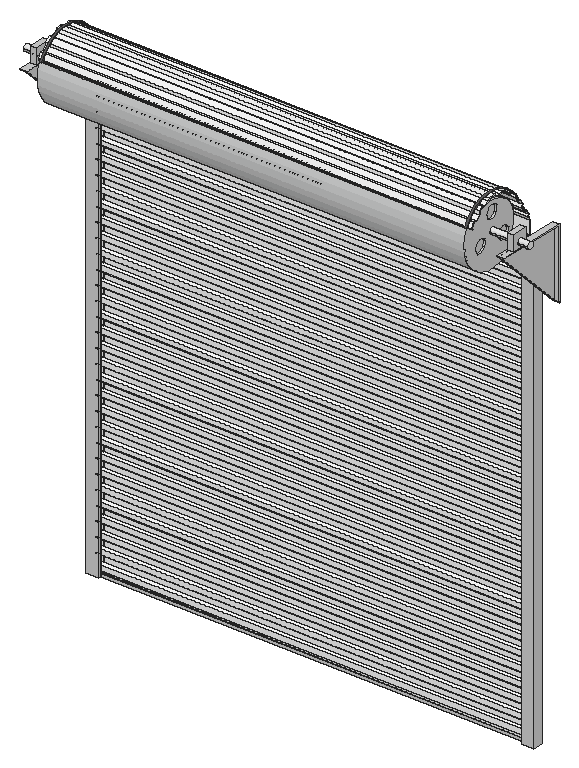
Revit family "ProStar-Rolling-Steel-Sheet-Doors_OHD_Model-780CD-REV-A_compact", category Specialty Equipment, host Wall, Revit 2023
Family settings
  Host = Wall
  Round Connector Dimension = Use Diameter
  Part Type = Normal
  OmniClass Number = 23.30.10.21.34
  OmniClass Title = Industrial Doors
  Enable Cutting in Views = No
  Always vertical = Yes
  Cut with Voids When Loaded = No
  Maintain Annotation Orientation = No
  Shared = No
  Room Calculation Point = No
Parameters (values of type "‏​Manual push-up")
  Voltage Real = 0 V
  Voltage [instance] = if(Electric Operator RLD, 120 V, Voltage Real)  # 0 V
  Version = "1.00.01"  # constant formula
  True Opening Width [instance] = Clear Width  # 100"
  True Opening Height [instance] = Clear Height  # 100"
  Slat Height = 3 91/256" * 3  # 10 17/256"
  Product Page URL = "https://www.overheaddoor.com/rolling-steel-sheet-doors-780cd"
  Slat Length [instance] = [Opening Width (Real)] + 1/4" * 2 + 1 77/256" * 2  # 103 13/128"
  Power Factor = 1
  Opening Width [instance] = 100"
  Opening Height [instance] = 100"
  Number of Poles = 1
  Motor Type Selection Real [instance] = if(and(Voltage Real = 115 V, or(Motor Type Selection < 1, Motor Type Selection = 1)), 1, 2)  # 2
  Motor Type Selection [instance] = 1
  Motor Type [instance] = if(Chain Hoist, "Chain Hoist", if(Manual, "Manual", if(Voltage Real = 115 V, if(or(Motor Type Selection < 1, Motor Type Selection > 2), "Please Select Motor Type Selection between 1 and 2", if(Motor Type Selection = 1, "RLD Wall Mount", "RMZ Wall Mount")), "RMZ Wall Mount")))  # "Manual"
  Min Opening Width [instance] = 96"  # constant formula
  Min Opening Height [instance] = 96"  # constant formula
  Max Opening Width [instance] = 192"  # constant formula
  Max Opening Height [instance] = 192"  # constant formula
  Manual = yes
  Headroom Height [instance] = 22"  # constant formula
  Opening Width (Real) [instance] = if(Opening Width < Min Opening Width, Min Opening Width, if(Opening Width > Max Opening Width, Max Opening Width, Opening Width))  # 100"
  Opening Height (Real) [instance] = if(Opening Height < Min Opening Height, Min Opening Height, if(Opening Height > Max Opening Height, Max Opening Height, Opening Height))  # 100"
  URL = "https://www.overheaddoor.com/"
  Product data url = "https://www.bimobject.com/overhead-door/product/rolling-steel-sheet-doors-780cd"
  Product Guid = "8ccebe07-a271-479c-8dcb-95e84ee5aac9"
  Model = "780CD"  # constant formula
  Manufacturer = "Overhead Door Corporation"  # constant formula
  Wall Closure = By host
  Frequency = 0 Hz
  Floor To (CL) of Shaft [instance] = [Opening Height (Real)] + 13 95/128"  # 113 95/128"
  Finish Material = Metal - Overhead Door - Galvanized Steel
  Electrical Operator Real = no
  Electrical Operator RMZ [instance] = if(and(Electrical Operator Real, Motor Type Selection Real = 2), 1 = 1, 1 = 2)  # no
  Electric Operator RLD [instance] = if(and(Voltage Real = 115 V, Motor Type Selection Real = 1), 1 = 1, 1 = 2)  # no
  Description = "MODEL 780CD COMMERCIAL ROLLING SHEET DOOR"  # constant formula
  Default Elevation = 0"
  Date Updated = "2026/05/29"  # constant formula
  Curtain Material [instance] = Steel - Overhead Door - White
  Current [instance] = if(Manual, 0 A, if(Electric Operator RLD, 4 A, 20 A))  # 0 A
  Connection Offset [instance] = [Floor To (CL) of Shaft] - Array Length - 1 3/16" + 1/256"  # 11 229/256"
  Clear Width [instance] = [Opening Width (Real)]  # 100"
  Clear Height [instance] = [Opening Height (Real)]  # 100"
  Chain Hoist = no
  BimObject_Variable_Connectors = "No"  # constant formula
  Backroom Depth [instance] = 20"  # constant formula
  Array Length [instance] = (Array) * Slat Height  # 100 85/128"
  Array [instance] = rounddown(([Opening Height (Real)] - 1 3/16" + 11 145/256") / Slat Height)  # 10
  Apparent Load Phase 1 [instance] = Voltage * Current  # 0 VA
Reference planes (in)
  plane 1 "Center (Front/Back)": y = 0
  plane 2 "Center (Left/Right)": x = 0
  plane 3 "Left": x = -50
  plane 4 "Right": x = 50
  plane 5 "Exterior": y = 1.5
  plane 6 "Interior": y = -4.5
  plane 7: x = 50
  plane 8: x = -50
  plane 9: z = 100
  plane 10 "Top": z = 122
  plane 11 "Main": y = -5.75
  plane 12: y = -24.5
  plane 13 "Main Door Block": y = -4.5
  plane 14: z = 47.47
  plane 15 "Bottom Bar": z = 1.1875
  plane 16: x = 52.5
  plane 17: x = -52.5
  plane 18: y = -5.253
  plane 19: y = -6.048
  plane 20: z = 101.85156
  plane 21: z = 113.74219
  plane 22: z = 11.25391
Lines and regions (in)
  Opening 1
    outline origin (-90, -4.5, 0) x (1, 0, 0) y (0, 0, 1)
      loop
        line (40, 0) -> (140, 0) -> (140, 100) -> (40, 100) -> (40, 0)
Text (in)
  text "Exterior" at (-74.96733, 27.31104, 0), in view "Ref. Level"
  text "Interior" at (-74.96733, -25.14366, 0), in view "Ref. Level"
  text "Exterior" at (0, 40.15149, 123.01588), in view "Right"
  text "Interior" at (0, -64.39139, 123.01588), in view "Right"
  text "Interior" at (0, -31.01599, 123.00693), in view "Left"
  text "Exterior" at (0, 54.57065, 123.00693), in view "Left"
Dimensions and locks (in)
  equal spacing: plane 3 "Left", plane 2 "Center (Left/Right)", plane 4 "Right"
  level to host wall = 459.59655"
  "Opening Height (Real)": level to plane 9
  plane 8 to plane 2 "Center (Left/Right)" to plane 7 = 50", 50"
  "Headroom Height": plane 9 to plane 10 "Top"
  locked: plane 13 "Main Door Block" to plane 11 "Main" at 1.25
  locked: plane 1 "Center (Front/Back)" to plane 6 "Interior" at 4.5
  locked: plane 8 to plane 17 at 2.5
  locked: plane 16 to plane 7 at 2.5
  locked: plane 5 "Exterior" to plane 1 "Center (Front/Back)" at 1.5
  equal spacing: plane 7, plane 2 "Center (Left/Right)", plane 8
  locked: plane 18 to plane 11 "Main" at 0.497
  "Opening Width (Real)": plane 7 to plane 8
  "Backroom Depth": plane 12 to plane 6 "Interior"
  locked: plane 11 "Main" to plane 19 at 0.298
  plane 19 to plane 11 "Main" = 0.298"
  locked: plane 15 "Bottom Bar" to level at 1.1875
  "Array Length": plane 20 to plane 15 "Bottom Bar"
  "Floor To (CL) of Shaft": plane 21 to level
  "Slat Height": plane 22 to plane 15 "Bottom Bar"
  equal spacing: group 1, group 2, group 3, group 4, group 5, group 6, group 7, group 8, group 9, group 10  (x3)
  plane 21 to plane 9 = 13 95/128"
  locked: plane 12 to nested 3 at 8.418
  locked: plane 12 to nested 13 at 8.257
  aligned and locked: Opening 1 sketch curve to level
  aligned and locked: plane 5 "Exterior" to host wall
  aligned and locked: host wall to plane 6 "Interior"
  aligned and locked: plane 8 to Opening 1 sketch curve
  aligned and locked: plane 7 to Opening 1 sketch curve
  aligned and locked: Opening 1 sketch curve to plane 9
  aligned and locked: plane 13 "Main Door Block" to plane 6 "Interior"
  aligned and locked: plane 21 to nested 3
  aligned and locked: plane 2 "Center (Left/Right)" to nested 3
  aligned and locked: plane 15 "Bottom Bar" to nested 2
  aligned and locked: plane 22 to nested 4
  aligned and locked: plane 19 to nested 2
  aligned and locked: plane 19 to nested 4
  aligned and locked: plane 2 "Center (Left/Right)" to nested 2
  aligned and locked: plane 2 "Center (Left/Right)" to nested 4
  aligned and locked: nested 1 to plane 6 "Interior"
  aligned and locked: level to nested 1
  aligned and locked: nested 1 to plane 2 "Center (Left/Right)"
  aligned and locked: plane 7 to nested 13
  aligned and locked: plane 21 to nested 13
  aligned and locked: plane 4 "Right" to plane 7
Nested families (in)
  nested 1: "Lifts" at (0, -4.5, 0) x (-1, 0, 0) z (0, 0, 1), type "Frame Unit"
  nested 2: "Slat" at (0, -6.048, 1.1875), type "Slat"
  nested 3: "Top Slat" at (0, -16.082, 113.74219), type "Top Slat"
  nested 4: "Slat" at (0, -6.048, 11.25391), type "Slat"
  nested 5: "Slat" at (0, -6.048, 21.32031), type "Slat"
  nested 6: "Slat" at (0, -6.048, 31.38672), type "Slat"
  nested 7: "Slat" at (0, -6.048, 41.45313), type "Slat"
  nested 8: "Slat" at (0, -6.048, 51.51953), type "Slat"
  nested 9: "Slat" at (0, -6.048, 61.58594), type "Slat"
  nested 10: "Slat" at (0, -6.048, 71.65234), type "Slat"
  nested 11: "Slat" at (0, -6.048, 81.71875), type "Slat"
  nested 12: "Slat" at (0, -6.048, 91.78516), type "Slat"
  nested 13: "Operator" at (50, -16.243, 113.74219), type "Family1"
Connectors (in)
  electrical at (55.75, -16.243, 113.74219), driven by "Number of Poles", driven by "Voltage", driven by "Apparent Load Phase 1", driven by "Power Factor"
    settings: on nested 13, index 1, voltage 0 V, apparent load 0 VA, apparent load phase1 0 VA, apparent load phase2 0 VA, apparent load phase3 0 VA, power factor 1, load classification "Other", number of poles 1, system type 31, power factor state 1, is connector primary yes, connector utility no, sub classification motor no, connector description "Electrical Connector"
Definition of nested family "Lifts"
  Parameters (values of type "Frame Unit")
    Shaft Radius = 3/4"  # constant formula
    Shaft Material = none
    Setback = 1/4"  # constant formula
    Right Shaft Offset = 10"
    Resin Support Outter Radius = 8.257"  # constant formula
    Resin Support Inner Radius = 8.187"  # constant formula
    Resin Stopper Radius = 1 1/2"  # constant formula
    Resin Elements Material = none
    Opening Width = 100"
    Resin Muft Offset = 2.141"  # constant formula
    Muft Outter Radius = 8.257"  # constant formula
    Muft Inner Radius = 6 3/8"  # constant formula
    Left Shaft Offset = 10"
    J Offset = 11.743"  # constant formula
    Headroom Height = 22"
    Header Width = 20"
    H = 12.243"  # constant formula
    Guide Width R Real = Guid Width + Setback  # 3 1/4"
    Guide Width L Real = Guid Width + Setback  # 3 1/4"
    Guid Width = 3"  # constant formula
    Opening Height = 100"
    Floor To (CL) of Shaft = Opening Height + 13.742"  # 113.742"
    Finish Material = none
    Analytic Construction = "<None>"
  Reference planes (in)
    plane 1 "Center (Front/Back)": y = 0
    plane 2: z = 0
    plane 3 "Center (Left/Right)": x = 0
    plane 4 "Left": x = -50
    plane 5 "Right": x = 50
    plane 6 "Opening Height": z = 100
    plane 7: x = -60
    plane 8: x = 60
    plane 9: z = 122
    plane 10: y = 20
    plane 11: x = -25
    plane 12: x = 25
    plane 13: z = 113.742
    plane 14: y = 11.743
    plane 15: x = -51.55
    plane 16: x = 51.55
    plane 17: x = 53.25
    plane 18: x = -53.25
    plane 19: z = 112.243
    plane 20: x = 57
    plane 21: x = 50.75
    plane 22: x = -50.75
  Forms (in)
    Extrusion 1, solid, material <- "Finish Material"
      sketch origin (0, 0, 0) x (1, 0, 0) y (0, 1, 0)
        loop
          line (-53.25, 0) -> (-50.375, 0)
          arc (-50.375, 0) -> (-50.28661, 0.03661) -> (-50.25, 0.125) r 0.125
          line (-50.25, 0.125) -> (-50.25, 0.625)
          arc (-50.25, 0.625) -> (-50.26831, 0.66919) -> (-50.3125, 0.6875) r 0.0625
          line (-50.3125, 0.6875) -> (-51.55, 0.6875) -> (-51.55, 1.78125) -> (-50.325, 1.78125)
          arc (-50.325, 1.78125) -> (-50.27197, 1.80322) -> (-50.25, 1.85625) r 0.075
          line (-50.25, 1.85625) -> (-50.25, 2.21875)
          arc (-50.25, 2.21875) -> (-50.28661, 2.30714) -> (-50.375, 2.34375) r 0.125
          line (-50.375, 2.34375) -> (-53.25, 2.34375) -> (-53.25, 0)
        loop
          line (53.25, 0) -> (53.25, 2.34375) -> (50.3625, 2.34375)
          arc (50.3625, 2.34375) -> (50.28295, 2.3108) -> (50.25, 2.23125) r 0.1125
          line (50.25, 2.23125) -> (50.25, 1.85625)
          arc (50.25, 1.85625) -> (50.27197, 1.80322) -> (50.325, 1.78125) r 0.075
          line (50.325, 1.78125) -> (51.55, 1.78125) -> (51.55, 0.6875) -> (50.3125, 0.6875)
          arc (50.3125, 0.6875) -> (50.26831, 0.66919) -> (50.25, 0.625) r 0.0625
          line (50.25, 0.625) -> (50.25, 0.125)
          arc (50.25, 0.125) -> (50.28661, 0.03661) -> (50.375, 0) r 0.125
          line (50.375, 0) -> (53.25, 0)
      from 100 to 0
    Extrusion 2, solid, material <- "Finish Material"
      sketch origin (0, 0, 0) x (0, 1, 0) y (0, 0, 1)
        loop
          line (2.0625, 1) -> (2.0625, 1.1875) -> (1.45087, 1.1875) -> (1.45087, 2.125) -> (-0.15187, 2.125) -> (-0.3125, 1.96437) -> (-0.3125, 1.34813) -> (-0.15187, 1.1875) -> (0, 1.1875) -> (0, 1) -> (2.0625, 1)
      from -51.55 to 51.55
    Extrusion 3, solid, material <- "Finish Material"
      sketch origin (0, 0, 0) x (0, 1, 0) y (0, 0, 1)
        loop
          line (0.73437, 1) -> (0.73437, 0) -> (1.73437, 0) -> (1.73437, 1) -> (0.73437, 1)
      from -51.55 to 51.55
    Extrusion 4, solid, material <- "Shaft Material"
      sketch origin (0, 0, 0) x (0, 1, 0) y (0, 0, 1)
        loop
          circle (11.743, 113.742) r 0.75
      from -60 to 60
    Extrusion 5, solid, material <- "Finish Material"
      sketch origin (-53.25, 0, 100) x (0, 0, 1) y (0, -1, 0)
        loop
          line (12.243, -13.568) -> (15.893, -13.568) -> (15.893, -9.918) -> (12.243, -9.918) -> (12.243, 0) -> (-4.5, 0) -> (12.243, -16.743) -> (12.243, -13.568)
      from -4.25 to -2.75
    Extrusion 6, solid, material <- "Finish Material"
      sketch origin (53.25, 0, 100) x (0, 0, 1) y (0, -1, 0)
        loop
          line (12.243, -13.568) -> (15.893, -13.568) -> (15.893, -9.918) -> (12.243, -9.918) -> (12.243, 0) -> (-4.5, 0) -> (12.243, -16.743) -> (12.243, -13.568)
      from 4.25 to 2.75
    Extrusion 7, void
      sketch origin (0, 0, 0) x (1, 0, 0) y (0, 1, 0)
        loop
          line (50, -0.3125) -> (51.55, -0.3125) -> (51.55, 0.125) -> (50, 0.125) -> (50, -0.3125)
        loop
          line (-50, -0.3125) -> (-50, 0.125) -> (-51.55, 0.125) -> (-51.55, -0.3125) -> (-50, -0.3125)
      from 0 to 2.125
    Extrusion 8, solid, material <- "Finish Material"
      sketch origin (0, 11.743, 113.742) x (0, 0.906308, 0.422618) y (0, -0.422618, 0.906308)
        loop
          arc (6.375, 0) -> (0, 6.375) -> (-6.375, 0) r 6.375
          line (-6.375, 0) -> (-8.257, 0)
          arc (-8.257, 0) -> (0, -8.257) -> (8.257, 0) r 8.257
          line (8.257, 0) -> (6.375, 0)
        loop
          circle (1.658, 3.5556) r 1.625
        loop
          circle (2.25024, -3.21367) r 1.625
        loop
          circle (-3.90824, -0.34193) r 1.625
      from 50.75 to -50.75
    Extrusion 9, solid, material <- "Finish Material"
      sketch origin (0, 0, 0) x (0, 1, 0) y (0, 0, 1)
        loop
          circle (11.743, 113.742) r 6.375
      from -50 to 50
    Extrusion 10, void
      sketch origin (53.25, 0, 100) x (0, 0, 1) y (-1, 0, 0)
        loop
          line (11.963, -3.03) -> (-4.5, -3.03) -> (-4.5, -4.25) -> (11.963, -4.25) -> (11.963, -3.03)
        loop
          line (15.893, -4.25) -> (15.893, -4.1749) -> (12.243, -4.1749) -> (12.243, -4.25) -> (15.893, -4.25)
        loop
          line (15.893, -2.75) -> (12.243, -2.75) -> (12.243, -2.8251) -> (15.893, -2.8251) -> (15.893, -2.75)
      from -0.28 to -16.743
    Extrusion 11, void
      sketch origin (-53.25, 0, 100) x (0, 0, -1) y (-1, 0, 0)
        loop
          line (-11.963, 3.03) -> (4.5, 3.03) -> (4.5, 4.25) -> (-11.963, 4.25) -> (-11.963, 3.03)
        loop
          line (-15.893, 4.25) -> (-15.893, 4.1749) -> (-12.243, 4.1749) -> (-12.243, 4.25) -> (-15.893, 4.25)
        loop
          line (-15.893, 2.75) -> (-12.243, 2.75) -> (-12.243, 2.8251) -> (-15.893, 2.8251) -> (-15.893, 2.75)
      from 0.28 to 16.743
    Sweep 12, solid, material <- "Resin Elements Material"
      path origin (0, 0, 0) x (0, 1, 0) y (0, 0, 1)
        loop
          line (0.6875, 0) -> (0.6875, 111.601) -> (4.73157, 118.10295)
          arc (4.73157, 118.10295) -> (12.2385, 121.98412) -> (19.22638, 117.23156) r 8.257
      profile origin (0, 0.6875, 55.8005) x (0, -1, 0) y (1, 0, 0)
        loop
          line (0, 50.25) -> (0, 50.75) -> (-0.07, 50.75) -> (-0.07, 50.25) -> (0, 50.25)
        loop
          line (0, -50.25) -> (-0.07, -50.25) -> (-0.07, -50.75) -> (0, -50.75) -> (0, -50.25)
  Cuts and joins
    Extrusion 11 cuts Extrusion 5
    Extrusion 10 cuts Extrusion 6
    joined: Extrusion 5, Extrusion 6
    Extrusion 7 cuts Extrusion 2
  Lines and regions (in)
    Masking region 1
      outline origin (0, 0, 0) x (1, 0, 0) y (0, 1, 0)
        loop
          line (-51.55, 2.34375) -> (-53.25, 2.34375) -> (-53.25, 0) -> (-51.55, 0) -> (-51.55, 2.34375)
        loop
          line (51.55, 2.34375) -> (51.55, 0) -> (53.25, 0) -> (53.25, 2.34375) -> (51.55, 2.34375)
    Masking region 2
      outline origin (0, 0, 0) x (1, 0, 0) y (0, 1, 0)
        loop
          line (60, 10.993) -> (60, 12.493) -> (57.4249, 12.493) -> (57.4249, 13.568) -> (56.0751, 13.568) -> (56.0751, 12.493) -> (51.55, 12.493) -> (51.55, 10.993) -> (56.0751, 10.993) -> (56.0751, 9.918) -> (57.4249, 9.918) -> (57.4249, 10.993) -> (60, 10.993)
        loop
          line (-60, 10.993) -> (-57.4249, 10.993) -> (-57.4249, 9.918) -> (-56.0751, 9.918) -> (-56.0751, 10.993) -> (-51.55, 10.993) -> (-51.55, 12.493) -> (-56.0751, 12.493) -> (-56.0751, 13.568) -> (-57.4249, 13.568) -> (-57.4249, 12.493) -> (-60, 12.493) -> (-60, 10.993)
    Masking region 3
      outline origin (0, 0, 0) x (1, 0, 0) y (0, 1, 0)
        loop
          line (-56, 0) -> (-56, 16.743) -> (-57.5, 16.743) -> (-57.5, 0) -> (-56, 0)
        loop
          line (56, 16.743) -> (56, 0) -> (57.5, 0) -> (57.5, 16.743) -> (56, 16.743)
    Masking region 4
      outline origin (0, 0, 0) x (1, 0, 0) y (0, 1, 0)
        loop
          line (-53.25, 2.34375) -> (-53.25, 0) -> (-50.375, 0)
          arc (-50.375, 0) -> (-50.28661, 0.03661) -> (-50.25, 0.125) r 0.125
          line (-50.25, 0.125) -> (-50.25, 0.625)
          arc (-50.25, 0.625) -> (-50.26831, 0.66919) -> (-50.3125, 0.6875) r 0.0625
          line (-50.3125, 0.6875) -> (-51.55, 0.6875) -> (-51.55, 1.78125) -> (-50.75, 1.78125) -> (-50.75, 2.34375) -> (-53.25, 2.34375)
        loop
          line (53.25, 2.34375) -> (50.75, 2.34375) -> (50.75, 1.78125) -> (51.55, 1.78125) -> (51.55, 0.6875) -> (50.3125, 0.6875)
          arc (50.3125, 0.6875) -> (50.26831, 0.66919) -> (50.25, 0.625) r 0.0625
          line (50.25, 0.625) -> (50.25, 0.125)
          arc (50.25, 0.125) -> (50.28661, 0.03661) -> (50.375, 0) r 0.125
          line (50.375, 0) -> (53.25, 0) -> (53.25, 2.34375)
    Masking region 5
      outline origin (0, 0, 0) x (1, 0, 0) y (0, 1, 0)
        loop
          line (-50.75, 19.22638) -> (-50.75, 0.6875) -> (-50.25, 0.6875) -> (-50.25, 19.22638) -> (-50.75, 19.22638)
        loop
          line (50.25, 0.6875) -> (50.75, 0.6875) -> (50.75, 19.22638) -> (50.25, 19.22638) -> (50.25, 0.6875)
    reference lines
      curve 1: line (53.25, 0, 100) -> (53.25, 0, 109.583)
      curve 2: line (-53.25, 0, 100) -> (-53.25, 0, 109.583)
      curve 3: line (0, 11.743, 113.742) -> (0, 20, 117.5923)
    symbolic lines
      curve 4: line (56.0751, 9.918, 0) -> (56.0751, 13.568, 0)
      curve 5: line (57.4249, 13.568, 0) -> (57.4249, 9.918, 0)
      curve 6: line (-57.4249, 9.918, 0) -> (-57.4249, 13.568, 0)
      curve 7: line (-56.0751, 13.568, 0) -> (-56.0751, 9.918, 0)
  Dimensions and locks (in)
    equal spacing: plane 4 "Left", plane 3 "Center (Left/Right)", plane 5 "Right"
    "Opening Width": plane 4 "Left" to plane 5 "Right"
    "Opening Height": plane 6 "Opening Height" to level
    "Guide Width L Real": Extrusion 1 sketch curve to plane 4 "Left"
    locked: Extrusion 1 sketch curve to Extrusion 1 sketch curve at 2.34375
    "Headroom Height": plane 9 to plane 6 "Opening Height"
    plane 10 to plane 1 "Center (Front/Back)" = 20"
    "Header Width": plane 10 to plane 1 "Center (Front/Back)"
    locked: Extrusion 1 sketch curve to Extrusion 1 sketch curve at 0.5625
    locked: Extrusion 1 sketch curve to Extrusion 1 sketch curve at 0.6875
    locked: Extrusion 3 sketch curve to level at 1
    locked: Extrusion 2 sketch curve to level at 2.125
    locked: Extrusion 2 sketch curve to level at 1.1875
    locked: Extrusion 2 sketch curve to Extrusion 2 sketch curve at 1.125
    locked: Extrusion 2 sketch curve to Extrusion 2 sketch curve at 0.16063  (x2)
    locked: Extrusion 7 sketch curve to plane 1 "Center (Front/Back)" at 0.3125  (x2)
    locked: plane 1 "Center (Front/Back)" to Extrusion 7 sketch curve at 0.125
    equal spacing: plane 4 "Left", plane 11, plane 3 "Center (Left/Right)"
    equal spacing: plane 5 "Right", plane 12, plane 3 "Center (Left/Right)"
    "Floor To (CL) of Shaft": plane 13 to plane 2
    "J Offset": plane 14 to plane 1 "Center (Front/Back)"
    locked: curve 1 to curve 1 at 9.583
    locked: curve 2 to curve 2 at 9.583
    "Setback": Extrusion 1 sketch curve to plane 4 "Left"
    locked: Extrusion 1 sketch curve to Extrusion 1 sketch curve at 1.3  (x2)
    "Setback": plane 5 "Right" to Extrusion 1 sketch curve
    "Guide Width R Real": plane 5 "Right" to Extrusion 1 sketch curve
    locked: plane 15 to plane 4 "Left" at 1.55
    locked: plane 5 "Right" to plane 16 at 1.55
    "Guide Width R Real": plane 5 "Right" to plane 17
    "Guide Width L Real": plane 18 to plane 4 "Left"
    "Left Shaft Offset": plane 7 to plane 4 "Left"
    "Right Shaft Offset": plane 5 "Right" to plane 8
    locked: plane 1 "Center (Front/Back)" to Extrusion 3 sketch curve at 0.73437
    locked: Extrusion 3 sketch curve to Extrusion 3 sketch curve at 1
    "H": plane 19 to plane 6 "Opening Height"
    plane 5 "Right" to plane 20 = 7"
    locked: plane 5 "Right" to plane 21 at 0.75
    locked: plane 22 to plane 4 "Left" at 0.75
    locked: plane 14 to Extrusion 6 sketch curve at 5
    locked: plane 14 to Extrusion 5 sketch curve at 5
    equal spacing: Extrusion 6 sketch curve, plane 14, Extrusion 6 sketch curve
    locked: Extrusion 6 sketch curve to plane 14 at 1.825
    locked: Extrusion 6 sketch curve to plane 13 at 2.151
    equal spacing: Extrusion 5 sketch curve, plane 14, Extrusion 5 sketch curve
    locked: Extrusion 5 sketch curve to plane 14 at 1.825
    locked: Extrusion 5 sketch curve to plane 13 at 2.151
    locked: plane 1 "Center (Front/Back)" to Sweep 12 sketch curve at 0.6875
    locked: Sweep 12 sketch curve to Sweep 12 sketch curve at 0.07
    "Resin Muft Offset": plane 13 to Sweep 12 sketch curve
    "Setback": plane 5 "Right" to Sweep 12 sketch curve
    "Setback": Sweep 12 sketch curve to plane 4 "Left"
    equal spacing: Masking region 2 sketch curve, plane 14, Masking region 2 sketch curve
    "Shaft Radius": Masking region 2 sketch curve to plane 14
    radius of Extrusion 1 sketch curve = 1/16"  (x2)
    radius of Extrusion 1 sketch curve = 1/8"  (x3)
    radius of Extrusion 1 sketch curve = 0.075"  (x2)
    radius of Extrusion 1 sketch curve = 0.1125"
    "Shaft Radius": radius of Extrusion 4 sketch curve
    "Muft Inner Radius": radius of Extrusion 8 sketch curve
    "Muft Outter Radius": radius of Extrusion 8 sketch curve
    "Muft Inner Radius": radius of Extrusion 9 sketch curve
    "Resin Support Outter Radius": radius of Sweep 12 sketch curve
    locked: plane 13 to curve 3 (angle 25.00°)
    locked: Extrusion 6 sketch curve to Extrusion 6 sketch curve (angle 45.00°)
    locked: plane 19 to Extrusion 5 sketch curve (angle 45.00°)
    aligned and locked: plane 2 to level
    aligned and locked: plane 1 "Center (Front/Back)" to Extrusion 1 sketch curve
    aligned and locked: Extrusion 1 sketch curve to plane 1 "Center (Front/Back)"
    aligned and locked: Extrusion 1 sketch curve to Extrusion 1 sketch curve  (x5)
    aligned and locked: plane 7 to Extrusion 4
    aligned and locked: Extrusion 4 to plane 8
    aligned and locked: plane 6 "Opening Height" to Extrusion 1
    aligned and locked: Extrusion 3 sketch curve to level
    aligned and locked: Extrusion 2 sketch curve to Extrusion 2 sketch curve
    aligned and locked: Extrusion 7 sketch curve to plane 5 "Right"
    aligned and locked: Extrusion 7 sketch curve to plane 4 "Left"
    aligned and locked: Extrusion 7 sketch curve to Extrusion 7 sketch curve
    aligned and locked: plane 13 to Extrusion 4 sketch curve
    aligned and locked: plane 14 to Extrusion 4 sketch curve
    aligned and locked: plane 6 "Opening Height" to curve 1
    aligned and locked: plane 6 "Opening Height" to curve 2
    aligned and locked: Extrusion 7 sketch curve to plane 15
    aligned and locked: plane 15 to Extrusion 3
    aligned and locked: plane 15 to cut or joined group of Extrusion 2, Extrusion 7
    aligned and locked: Extrusion 3 to plane 16
    aligned and locked: cut or joined group of Extrusion 2, Extrusion 7 to plane 16
    aligned and locked: Extrusion 7 sketch curve to plane 16
    aligned and locked: curve 1 to plane 17
    aligned and locked: curve 2 to plane 18
    aligned and locked: Extrusion 1 to Masking region 1 sketch curve  (x2)
    aligned and locked: Masking region 1 sketch curve to Extrusion 1  (x4)
    aligned and locked: plane 14 to Extrusion 8 sketch curve
    aligned and locked: plane 13 to Extrusion 8 sketch curve
    aligned and locked: plane 14 to curve 3
    aligned and locked: plane 10 to curve 3
    aligned and locked: curve 3 to Extrusion 8 sketch curve
    aligned and locked: Extrusion 8 sketch curve to curve 3
    aligned and locked: plane 14 to Extrusion 9 sketch curve
    aligned and locked: plane 13 to Extrusion 9 sketch curve
    aligned and locked: Extrusion 8 to plane 21
    aligned and locked: Extrusion 9 to plane 5 "Right"
    aligned and locked: Extrusion 8 to plane 22
    aligned and locked: plane 4 "Left" to Extrusion 9
    aligned and locked: Extrusion 6 sketch curve to plane 19  (x2)
    aligned and locked: plane 1 "Center (Front/Back)" to Extrusion 6 sketch curve
    aligned and locked: Extrusion 5 sketch curve to plane 19  (x2)
    aligned and locked: plane 1 "Center (Front/Back)" to Extrusion 5 sketch curve
    aligned and locked: level to Sweep 12 sketch curve
    aligned and locked: Sweep 12 sketch curve to profile plane
    aligned and locked: Sweep 12 sketch curve to plane 21
    aligned and locked: Sweep 12 sketch curve to Sweep 12 sketch curve  (x2)
    aligned and locked: Sweep 12 sketch curve to plane 22
    aligned and locked: plane 13 to Sweep 12 sketch curve
    aligned and locked: plane 14 to Sweep 12 sketch curve
    aligned and locked: curve 3 to Sweep 12 sketch curve
    aligned and locked: Masking region 2 sketch curve to plane 8
    aligned and locked: cut or joined group of Extrusion 5, Extrusion 6, Extrusion 10, Extrusion 11 to Masking region 2 sketch curve  (x4)
    aligned and locked: Masking region 2 sketch curve to cut or joined group of Extrusion 5, Extrusion 6, Extrusion 10, Extrusion 11  (x8)
    aligned and locked: Masking region 2 sketch curve to plane 7
    aligned and locked: Masking region 2 sketch curve to Masking region 2 sketch curve  (x6)
    aligned and locked: Masking region 3 sketch curve to cut or joined group of Extrusion 5, Extrusion 6, Extrusion 10, Extrusion 11  (x8)
    aligned and locked: curve 4 to cut or joined group of Extrusion 5, Extrusion 6, Extrusion 10, Extrusion 11  (x2)
    aligned and locked: curve 5 to cut or joined group of Extrusion 5, Extrusion 6, Extrusion 10, Extrusion 11  (x2)
    aligned and locked: cut or joined group of Extrusion 5, Extrusion 6, Extrusion 10, Extrusion 11 to curve 5
    aligned and locked: cut or joined group of Extrusion 5, Extrusion 6, Extrusion 10, Extrusion 11 to curve 4
    aligned and locked: curve 6 to cut or joined group of Extrusion 5, Extrusion 6, Extrusion 10, Extrusion 11  (x2)
    aligned and locked: curve 7 to cut or joined group of Extrusion 5, Extrusion 6, Extrusion 10, Extrusion 11  (x2)
    aligned and locked: cut or joined group of Extrusion 5, Extrusion 6, Extrusion 10, Extrusion 11 to curve 6
    aligned and locked: cut or joined group of Extrusion 5, Extrusion 6, Extrusion 10, Extrusion 11 to curve 7
    aligned and locked: Masking region 4 sketch curve to Extrusion 1  (x12)
    aligned and locked: Extrusion 1 to Masking region 4 sketch curve  (x2)
    aligned and locked: Sweep 12 to Masking region 4 sketch curve  (x2)
    aligned and locked: Masking region 5 sketch curve to Sweep 12  (x8)
    aligned and locked: Masking region 2 sketch curve to plane 15
    aligned and locked: Masking region 2 sketch curve to plane 16
  Automatic sketch dimensions
    Extrusion 2 sketch curve to plane 1 "Center (Front/Back)" = 0"
    plane 1 "Center (Front/Back)" to Extrusion 2 sketch curve = 0.15187"  (x2)
    Extrusion 2 sketch curve to Extrusion 2 sketch curve = 0.16063"
    Extrusion 2 sketch curve to plane 1 "Center (Front/Back)" = 1.45088"
    Extrusion 2 sketch curve to Extrusion 2 sketch curve = 0.61162"
    plane 1 "Center (Front/Back)" to Masking region 1 sketch curve = 0"
    Masking region 1 sketch curve to plane 1 "Center (Front/Back)" = 2 11/32"
    curve 3 to plane 13 = 0"
    curve 2 to Extrusion 11 sketch curve = 2.8251"
    Extrusion 11 sketch curve to curve 2 = 6.31"
    Extrusion 11 sketch curve to Extrusion 11 sketch curve = 0"  (x2)
    Extrusion 11 sketch curve to curve 2 = 2.66"
    Extrusion 11 sketch curve to Extrusion 11 sketch curve = 0.28"
    curve 2 to Extrusion 11 sketch curve = 4 1/2"
    Extrusion 11 sketch curve to Extrusion 11 sketch curve = 0.0751"  (x2)
    curve 2 to Extrusion 11 sketch curve = 3.03"
    Extrusion 11 sketch curve to Extrusion 11 sketch curve = 1.1449"
    Extrusion 11 sketch curve to Extrusion 11 sketch curve = 1.22"
    Extrusion 10 sketch curve to curve 1 = 4 1/2"
    curve 1 to Extrusion 10 sketch curve = 2.38"
    Extrusion 10 sketch curve to Extrusion 10 sketch curve = 0.28"  (x2)
    Extrusion 10 sketch curve to Extrusion 10 sketch curve = 3.65"
    Extrusion 10 sketch curve to Extrusion 10 sketch curve = 0"  (x2)
    curve 1 to Extrusion 10 sketch curve = 4 1/4"
    Extrusion 10 sketch curve to Extrusion 10 sketch curve = 0.0751"  (x2)
    Extrusion 10 sketch curve to Extrusion 10 sketch curve = 1.1449"
    Extrusion 10 sketch curve to Extrusion 10 sketch curve = 1.34981"
    Extrusion 8 sketch curve to Extrusion 8 sketch curve = 0"
    curve 3 to Extrusion 8 sketch curve = 0.34193"
    Extrusion 8 sketch curve to Extrusion 8 sketch curve = 2.46676"
    curve 3 to Extrusion 8 sketch curve = 1.658"
    curve 3 to Extrusion 8 sketch curve = 2.25024"
    Extrusion 8 sketch curve to curve 3 = 3.21367"
    curve 3 to Extrusion 8 sketch curve = 3.5556"
    radius of Extrusion 8 sketch curve = 1 5/8"  (x3)
Definition of nested family "Slat"
  Parameters (values of type "Slat")
    Slat Height = 3.354" * 3  # 10.062"
    Panel Material = none
    Opening Width = 103 13/128"
    Default Elevation = 48"
  Reference planes (in)
    plane 1 "Center (Front/Back)": y = 0
    plane 2: z = 0
    plane 3 "Center (Left/Right)": x = 0
    plane 4: z = 10.062
    plane 5: x = -51.55078
    plane 6: x = 51.55078
  Forms (in)
    Extrusion 1, solid, material <- "Panel Material"
      sketch origin (0, 0, 0) x (0, 1, 0) y (0, 0, 1)
        loop
          line (0.5962, 1.67027) -> (0.5962, 2.9709) -> (0.04, 3.375) -> (0.04, 4.62025) -> (0.5962, 5.02435) -> (0.5962, 6.32497) -> (0.04, 6.72907) -> (0.04, 7.97432) -> (0.5962, 8.37842) -> (0.5962, 9.67905) -> (0.04, 10.08315) -> (0, 10.06222) -> (0.5562, 9.65812) -> (0.5562, 8.3988) -> (0, 7.9947) -> (0, 6.70815) -> (0.5562, 6.30405) -> (0.5562, 5.04473) -> (0, 4.64063) -> (0, 3.35407) -> (0.5562, 2.94997) -> (0.5562, 1.69065) -> (0, 1.28655) -> (0, 0) -> (0.04, 0) -> (0.04, 1.26617) -> (0.5962, 1.67027)
      from -51.55078 to 51.55078
  Dimensions and locks (in)
    "Slat Height": plane 4 to plane 2
    equal spacing: plane 5, plane 3 "Center (Left/Right)", plane 6
    "Opening Width": plane 5 to plane 6
    aligned and locked: plane 2 to level
    aligned and locked: plane 5 to Extrusion 1
    aligned and locked: plane 6 to Extrusion 1
  Automatic sketch dimensions
    Extrusion 1 sketch curve to plane 1 "Center (Front/Back)" = 0"  (x4)
    Extrusion 1 sketch curve to level = 0"
    Extrusion 1 sketch curve to plane 1 "Center (Front/Back)" = 0.04"  (x3)
    Extrusion 1 sketch curve to Extrusion 1 sketch curve = 0.04"  (x4)
    Extrusion 1 sketch curve to plane 1 "Center (Front/Back)" = 0.5562"  (x3)
    level to Extrusion 1 sketch curve = 1.26617"
    Extrusion 1 sketch curve to Extrusion 1 sketch curve = 0.02038"  (x6)
    Extrusion 1 sketch curve to Extrusion 1 sketch curve = 0.4041"  (x5)
    Extrusion 1 sketch curve to Extrusion 1 sketch curve = 1.25932"  (x2)
    Extrusion 1 sketch curve to Extrusion 1 sketch curve = 0.02093"  (x5)
    Extrusion 1 sketch curve to Extrusion 1 sketch curve = 1.24525"
    Extrusion 1 sketch curve to Extrusion 1 sketch curve = 1.26617"
    Extrusion 1 sketch curve to plane 4 = 0.40388"
    plane 4 to Extrusion 1 sketch curve = 0.00022"
    plane 4 to Extrusion 1 sketch curve = 0.02115"
Definition of nested family "Top Slat"
  Parameters (values of type "Top Slat")
    Slat Height = 3.354"  # constant formula
    Primar Offset = 11 229/256"
    Panel Material = none
    Opening Width = 103 13/128"
    Offset 2 = if(Primar Offset > Slat Height * 2 + 2.175", Slat Height, 0")  # 3.354"
    Offset 1 = if(Primar Offset > Slat Height + 2.175", Slat Height, 0")  # 3.354"
    Default Elevation = 48"
    2nd Slat = if(Offset 2 = 0", 1 = 2, 1 = 1)  # yes
    1st Slat = if(Offset 1 = 0", 1 = 2, 1 = 1)  # yes
  Reference planes (in)
    plane 1 "Center (Front/Back)": y = 0
    plane 2: z = 0
    plane 3 "Center (Left/Right)": x = 0
    plane 4: x = -51.55078
    plane 5: x = 51.55078
  Forms (in)
    Extrusion 1, solid, material <- "Panel Material"
      sketch origin (0, -2.21749, 3.375) x (0, 1, 0) y (0, 0, 1)
        loop
          line (9.51468, 0.02496) -> (8.80556, 0.07603)
          arc (8.80556, 0.07603) -> (8.49868, 0.60752) -> (8.14904, 1.11191) r 7.43816
          line (8.14904, 1.11191) -> (8.2539, 1.79485) -> (7.32987, 2.71017) -> (6.64852, 2.59895)
          arc (6.64852, 2.59895) -> (6.13875, 2.94542) -> (5.60204, 3.2485) r 7.43816
          line (5.60204, 3.2485) -> (5.3989, 3.90891) -> (4.16842, 4.33026) -> (3.60357, 3.93332)
          arc (3.60357, 3.93332) -> (2.99378, 4.02311) -> (2.37865, 4.0621) r 7.43816
          line (2.37865, 4.0621) -> (1.90809, 4.56805) -> (0.61695, 4.41126) -> (0.28145, 3.80789)
          arc (0.28145, 3.80789) -> (-0.30099, 3.62505) -> (-0.86648, 3.39508) r 7.43816
          line (-0.86648, 3.39508) -> (-1.51005, 3.64652) -> (-2.60504, 2.94465) -> (-2.64527, 2.25544)
          arc (-2.64527, 2.25544) -> (-3.09055, 1.83784) -> (-3.50009, 1.38513) r 7.43816
          line (-3.50009, 1.38513) -> (-4.189, 1.33218) -> (-4.87061, 0.22447) -> (-4.72055, -0.13969) -> (-4.66641, -0.16494) -> (-4.82558, 0.22133) -> (-4.16562, 1.29386) -> (-3.48014, 1.34654)
          arc (-3.48014, 1.34654) -> (-3.0618, 1.81003) -> (-2.60586, 2.2366) r 7.39816
          line (-2.60586, 2.2366) -> (-2.56584, 2.92226) -> (-1.50563, 3.60185) -> (-0.86527, 3.35166)
          arc (-0.86527, 3.35166) -> (-0.28716, 3.58752) -> (0.30877, 3.7738) r 7.39816
          line (0.30877, 3.7738) -> (0.64255, 4.37407) -> (1.89268, 4.52589) -> (2.36089, 4.02246)
          arc (2.36089, 4.02246) -> (2.98991, 3.98329) -> (3.61331, 3.89073) r 7.39816
          line (3.61331, 3.89073) -> (4.17526, 4.28564) -> (5.36666, 3.87767) -> (5.56879, 3.22056)
          arc (5.56879, 3.22056) -> (6.11792, 2.91127) -> (6.63873, 2.55637) r 7.39816
          line (6.63873, 2.55637) -> (7.31659, 2.66703) -> (8.21127, 1.78078) -> (8.10693, 1.10124)
          arc (8.10693, 1.10124) -> (8.46647, 0.58362) -> (8.78065, 0.03728) r 7.39816
          line (8.78065, 0.03728) -> (9.49177, -0.01393) -> (10.15688, -1.08328) -> (9.89801, -1.72018) -> (10.57751, -2.81266) -> (11.26323, -2.86204) -> (11.92834, -3.93139) -> (11.66947, -4.5683) -> (12.25137, -5.50386) -> (12.25137, -8.56153) -> (12.32017, -8.56153) -> (12.29137, -8.54061) -> (12.29137, -5.49244) -> (11.7142, -4.56448) -> (11.97307, -3.92757) -> (11.28614, -2.82315) -> (10.60042, -2.77376) -> (9.94274, -1.71636) -> (10.20161, -1.07946) -> (9.51468, 0.02496)
      from -51.55078 to 51.55078
    Extrusion 2, solid, material <- "Panel Material", visible <- "1st Slat"
      sketch origin (0, 0, -11.89453) x (0, 1, 0) y (0, 0, 1)
        loop
          line (10.62998, 1.67027) -> (10.62998, 2.9709) -> (10.07378, 3.375) -> (10.03378, 3.35407) -> (10.58998, 2.94997) -> (10.58998, 1.69065) -> (10.03378, 1.28655) -> (10.03378, 0) -> (10.07378, 0) -> (10.07378, 1.26617) -> (10.62998, 1.67027)
      from -51.55078 to 51.55078
    Extrusion 3, solid, material <- "Panel Material", visible <- "2nd Slat"
      sketch origin (0, 0, -8.54053) x (0, 1, 0) y (0, 0, 1)
        loop
          line (10.62998, 1.67027) -> (10.62998, 2.9709) -> (10.07378, 3.375) -> (10.03378, 3.35407) -> (10.58998, 2.94997) -> (10.58998, 1.69065) -> (10.03378, 1.28655) -> (10.03378, 0) -> (10.07378, 0) -> (10.07378, 1.26617) -> (10.62998, 1.67027)
      from -51.55078 to 51.55078
  Lines and regions (in)
    Masking region 1
      outline origin (0, 0, 0) x (1, 0, 0) y (0, 1, 0)
        loop
          line (-51.55078, -7.08811) -> (51.55078, -7.08811) -> (51.55078, 10.58998) -> (-51.55078, 10.58998) -> (-51.55078, -7.08811)
    reference lines
      curve 1: line (0, 0, -5.18653) -> (0, 15, -5.18653)
      curve 2: line (0, 0, -8.54053) -> (0, 15, -8.54053)
      curve 3: line (0, 0, -11.89453) -> (0, 15, -11.89453)
    symbolic lines
      curve 4: line (51.55078, 10.07388, 0) -> (-51.55078, 10.07388, 0)
      curve 5: line (-51.55078, 9.75558, 0) -> (51.55078, 9.75558, 0)
      curve 6: line (-51.55078, 9.06865, 0) -> (51.55078, 9.06865, 0)
      curve 7: line (-51.55078, 8.38293, 0) -> (51.55078, 8.38293, 0)
      curve 8: line (-51.55078, 7.98412, 0) -> (51.55078, 7.98412, 0)
      curve 9: line (-51.55078, 7.29719, 0) -> (51.55078, 7.29719, 0)
      curve 10: line (-51.55078, 6.58806, 0) -> (51.55078, 6.58806, 0)
      curve 11: line (-51.55078, 6.0364, 0) -> (51.55078, 6.0364, 0)
      curve 12: line (-51.55078, 5.11238, 0) -> (51.55078, 5.11238, 0)
      curve 13: line (-51.55078, 4.43102, 0) -> (51.55078, 4.43102, 0)
      curve 14: line (-51.55078, 3.38455, 0) -> (51.55078, 3.38455, 0)
      curve 15: line (-51.55078, 3.18141, 0) -> (51.55078, 3.18141, 0)
      curve 16: line (-51.55078, 1.95093, 0) -> (51.55078, 1.95093, 0)
      curve 17: line (-51.55078, 1.38608, 0) -> (51.55078, 1.38608, 0)
      curve 18: line (-51.55078, 0.16115, 0) -> (51.55078, 0.16115, 0)
      curve 19: line (-51.55078, -0.3094, 0) -> (51.55078, -0.3094, 0)
      curve 20: line (-51.55078, -1.60054, 0) -> (51.55078, -1.60054, 0)
      curve 21: line (-51.55078, -1.93604, 0) -> (51.55078, -1.93604, 0)
      curve 22: line (-51.55078, -3.08397, 0) -> (51.55078, -3.08397, 0)
      curve 23: line (-51.55078, -3.72755, 0) -> (51.55078, -3.72755, 0)
      curve 24: line (-51.55078, -4.82253, 0) -> (51.55078, -4.82253, 0)
      curve 25: line (-51.55078, -5.71758, 0) -> (51.55078, -5.71758, 0)
      curve 26: line (-51.55078, -6.4065, 0) -> (51.55078, -6.4065, 0)
  Dimensions and locks (in)
    equal spacing: plane 4, plane 3 "Center (Left/Right)", plane 5
    "Opening Width": plane 4 to plane 5
    locked: curve 1 to curve 1 at 15
    locked: curve 2 to curve 2 at 15
    locked: curve 3 to curve 3 at 15
    "Offset 2": curve 2 to curve 1
    "Offset 1": curve 3 to curve 2
    "Primar Offset": curve 3 to level
    locked: Extrusion 1 sketch curve to Extrusion 1 sketch curve at 0.0688
    locked: Extrusion 1 sketch curve to Extrusion 1 sketch curve (angle 36.00°)
    aligned and locked: plane 2 to level
    aligned and locked: plane 4 to Extrusion 1
    aligned and locked: plane 5 to Extrusion 1
    aligned and locked: plane 1 "Center (Front/Back)" to curve 1
    aligned and locked: plane 1 "Center (Front/Back)" to curve 2
    aligned and locked: plane 1 "Center (Front/Back)" to curve 3
    aligned and locked: curve 1 to Extrusion 1 sketch curve
    aligned and locked: plane 4 to Extrusion 2
    aligned and locked: plane 5 to Extrusion 2
    aligned and locked: plane 4 to Extrusion 3
    aligned and locked: plane 5 to Extrusion 3
    aligned and locked: Masking region 1 sketch curve to plane 4
    aligned and locked: Masking region 1 sketch curve to Extrusion 1
    aligned and locked: plane 5 to Masking region 1 sketch curve
    aligned and locked: Masking region 1 sketch curve to Extrusion 3
    aligned and locked: plane 4 to curve 5
    aligned and locked: plane 4 to curve 4
    aligned and locked: plane 4 to curve 6
    aligned and locked: plane 4 to curve 7
    aligned and locked: plane 4 to curve 8
    aligned and locked: plane 4 to curve 9
    aligned and locked: plane 4 to curve 10
    aligned and locked: plane 4 to curve 11
    aligned and locked: plane 4 to curve 12
    aligned and locked: plane 4 to curve 13
    aligned and locked: plane 4 to curve 14
    aligned and locked: plane 4 to curve 15
    aligned and locked: plane 4 to curve 16
    aligned and locked: plane 4 to curve 17
    aligned and locked: plane 4 to curve 18
    aligned and locked: plane 4 to curve 19
    aligned and locked: plane 4 to curve 20
    aligned and locked: plane 4 to curve 21
    aligned and locked: plane 4 to curve 22
    aligned and locked: plane 4 to curve 23
    aligned and locked: plane 4 to curve 24
    aligned and locked: plane 4 to curve 25
    aligned and locked: plane 4 to curve 26
    aligned and locked: plane 5 to curve 26
    aligned and locked: plane 5 to curve 25
    aligned and locked: plane 5 to curve 24
    aligned and locked: plane 5 to curve 23
    aligned and locked: plane 5 to curve 22
    aligned and locked: plane 5 to curve 21
    aligned and locked: plane 5 to curve 20
    aligned and locked: plane 5 to curve 19
    aligned and locked: plane 5 to curve 18
    aligned and locked: plane 5 to curve 17
    aligned and locked: plane 5 to curve 16
    aligned and locked: plane 5 to curve 15
    aligned and locked: plane 5 to curve 14
    aligned and locked: plane 5 to curve 13
    aligned and locked: plane 5 to curve 12
    aligned and locked: plane 5 to curve 11
    aligned and locked: plane 5 to curve 10
    aligned and locked: plane 5 to curve 9
    aligned and locked: plane 5 to curve 8
    aligned and locked: plane 5 to curve 7
    aligned and locked: plane 5 to curve 6
    aligned and locked: plane 5 to curve 5
    aligned and locked: plane 5 to curve 4
  Automatic sketch dimensions
    curve 3 to Extrusion 2 sketch curve = 0"
    Extrusion 2 sketch curve to curve 3 = 4.96622"
    Extrusion 2 sketch curve to Extrusion 2 sketch curve = 0"
    Extrusion 2 sketch curve to Extrusion 2 sketch curve = 0.04"  (x3)
    Extrusion 2 sketch curve to curve 3 = 1.69065"
    Extrusion 2 sketch curve to Extrusion 2 sketch curve = 0.5162"
    Extrusion 2 sketch curve to curve 3 = 1.67027"
    Extrusion 2 sketch curve to Extrusion 2 sketch curve = 0.42448"
    Extrusion 2 sketch curve to Extrusion 2 sketch curve = 0.02038"
    Extrusion 2 sketch curve to Extrusion 2 sketch curve = 1.25932"
    Extrusion 2 sketch curve to Extrusion 2 sketch curve = 0.02093"  (x2)
    Extrusion 2 sketch curve to Extrusion 2 sketch curve = 0.4041"
    Extrusion 3 sketch curve to curve 3 = 4.96622"
    Extrusion 3 sketch curve to Extrusion 3 sketch curve = 0"
    Extrusion 3 sketch curve to Extrusion 3 sketch curve = 0.04"  (x3)
    Extrusion 3 sketch curve to Extrusion 3 sketch curve = 0.5162"
    Extrusion 3 sketch curve to curve 3 = 3.354"
    Extrusion 3 sketch curve to Extrusion 3 sketch curve = 1.26617"
    Extrusion 3 sketch curve to Extrusion 3 sketch curve = 0.02038"  (x2)
    Extrusion 3 sketch curve to Extrusion 3 sketch curve = 0.4041"  (x2)
    Extrusion 3 sketch curve to Extrusion 3 sketch curve = 1.25932"
    Extrusion 3 sketch curve to Extrusion 3 sketch curve = 0.02093"  (x2)
    Extrusion 1 sketch curve to Extrusion 1 sketch curve = 0"  (x18)
    level to Extrusion 1 sketch curve = 3.23531"
    Extrusion 1 sketch curve to Extrusion 1 sketch curve = 0.04503"
    Extrusion 1 sketch curve to Extrusion 1 sketch curve = 0.63658"
    Extrusion 1 sketch curve to Extrusion 1 sketch curve = 0.02339"
    Extrusion 1 sketch curve to Extrusion 1 sketch curve = 1.55976"
    Extrusion 1 sketch curve to Extrusion 1 sketch curve = 0.00082"
    Extrusion 1 sketch curve to Extrusion 1 sketch curve = 0.0392"
    Extrusion 1 sketch curve to Extrusion 1 sketch curve = 1.05579"
    Extrusion 1 sketch curve to Extrusion 1 sketch curve = 0.00443"
    Extrusion 1 sketch curve to Extrusion 1 sketch curve = 1.81439"
    Extrusion 1 sketch curve to Extrusion 1 sketch curve = 0.30819"
    Extrusion 1 sketch curve to Extrusion 1 sketch curve = 0.02559"
    plane 1 "Center (Front/Back)" to Extrusion 1 sketch curve = 0.32481"
    Extrusion 1 sketch curve to Extrusion 1 sketch curve = 0.01541"
    Extrusion 1 sketch curve to plane 1 "Center (Front/Back)" = 0.14339"
    Extrusion 1 sketch curve to Extrusion 1 sketch curve = 0.01776"
    Extrusion 1 sketch curve to Extrusion 1 sketch curve = 0.55511"
    Extrusion 1 sketch curve to Extrusion 1 sketch curve = 0.00684"
    Extrusion 1 sketch curve to Extrusion 1 sketch curve = 1 49/256"
    Extrusion 1 sketch curve to Extrusion 1 sketch curve = 0.03224"
    Extrusion 1 sketch curve to Extrusion 1 sketch curve = 0.20212"
    Extrusion 1 sketch curve to Extrusion 1 sketch curve = 1.06994"
    Extrusion 1 sketch curve to Extrusion 1 sketch curve = 0.67786"
    Extrusion 1 sketch curve to Extrusion 1 sketch curve = 0.01328"
    Extrusion 1 sketch curve to Extrusion 1 sketch curve = 0.79034"
    Extrusion 1 sketch curve to Extrusion 1 sketch curve = 0.04211"
    Extrusion 1 sketch curve to Extrusion 1 sketch curve = 0.06223"
    Extrusion 1 sketch curve to Extrusion 1 sketch curve = 0.04263"
    Extrusion 1 sketch curve to Extrusion 1 sketch curve = 0.63162"
    Extrusion 1 sketch curve to Extrusion 1 sketch curve = 0.0249"
    level to Extrusion 1 sketch curve = 3.36107"
    Extrusion 1 sketch curve to Extrusion 1 sketch curve = 0.68621"
    level to Extrusion 1 sketch curve = 3.39996"
    Extrusion 1 sketch curve to Extrusion 1 sketch curve = 0.02291"  (x3)
    level to Extrusion 1 sketch curve = 1.65482"
    Extrusion 1 sketch curve to Extrusion 1 sketch curve = 13/32"  (x2)
    level to Extrusion 1 sketch curve = 1.65864"
    Extrusion 1 sketch curve to Extrusion 1 sketch curve = 0.04473"  (x4)
    level to Extrusion 1 sketch curve = 2.29172"
    Extrusion 1 sketch curve to Extrusion 1 sketch curve = 0.21414"  (x2)
    level to Extrusion 1 sketch curve = 2.29554"
    level to Extrusion 1 sketch curve = 0.56234"
    level to Extrusion 1 sketch curve = 0.60124"
    level to Extrusion 1 sketch curve = 0.51296"
    Extrusion 1 sketch curve to Extrusion 1 sketch curve = 0.66281"
    level to Extrusion 1 sketch curve = 0.55185"
    Extrusion 1 sketch curve to level = 1.1933"
    Extrusion 1 sketch curve to level = 1.18948"
    Extrusion 1 sketch curve to level = 0.55639"
    Extrusion 1 sketch curve to level = 0.55257"
    Extrusion 1 sketch curve to level = 2.12886"
    Extrusion 1 sketch curve to Extrusion 1 sketch curve = 0.53717"
    Extrusion 1 sketch curve to Extrusion 1 sketch curve = 0.04"
    Extrusion 1 sketch curve to Extrusion 1 sketch curve = 0.01142"
    Extrusion 1 sketch curve to Extrusion 1 sketch curve = 0.00314"
    Extrusion 1 sketch curve to Extrusion 1 sketch curve = 1.07254"
    Extrusion 1 sketch curve to Extrusion 1 sketch curve = 0.03832"
    Extrusion 1 sketch curve to Extrusion 1 sketch curve = 0.66887"
    Extrusion 1 sketch curve to Extrusion 1 sketch curve = 0.01407"
    Extrusion 1 sketch curve to Extrusion 1 sketch curve = 0.94273"
    Extrusion 1 sketch curve to Extrusion 1 sketch curve = 0.7756"
    Extrusion 1 sketch curve to Extrusion 1 sketch curve = 0.11065"
    Extrusion 1 sketch curve to Extrusion 1 sketch curve = 0.04314"
    Extrusion 1 sketch curve to Extrusion 1 sketch curve = 0.68567"
    Extrusion 1 sketch curve to Extrusion 1 sketch curve = 0.02238"
    Extrusion 1 sketch curve to Extrusion 1 sketch curve = 0.67958"
    Extrusion 1 sketch curve to Extrusion 1 sketch curve = 0.04467"
    Extrusion 1 sketch curve to Extrusion 1 sketch curve = 0.17195"
    Extrusion 1 sketch curve to Extrusion 1 sketch curve = 0.65712"
    Extrusion 1 sketch curve to Extrusion 1 sketch curve = 0.01306"
    Extrusion 1 sketch curve to Extrusion 1 sketch curve = 1/32"
    Extrusion 1 sketch curve to Extrusion 1 sketch curve = 0.03964"
    Extrusion 1 sketch curve to Extrusion 1 sketch curve = 0.39491"
    Extrusion 1 sketch curve to Extrusion 1 sketch curve = 0.04462"
    Extrusion 1 sketch curve to Extrusion 1 sketch curve = 0.60028"
    Extrusion 1 sketch curve to Extrusion 1 sketch curve = 0.03719"
    Extrusion 1 sketch curve to Extrusion 1 sketch curve = 0.46379"
    Extrusion 1 sketch curve to Extrusion 1 sketch curve = 0.04217"
    Extrusion 1 sketch curve to Extrusion 1 sketch curve = 0.10502"
    level to Extrusion 1 sketch curve = 3.21006"
    Extrusion 1 sketch curve to Extrusion 1 sketch curve = 0.05414"
    Extrusion 1 sketch curve to Extrusion 1 sketch curve = 0.66553"
    Extrusion 1 sketch curve to Extrusion 1 sketch curve = 0.01995"
    Extrusion 1 sketch curve to Extrusion 1 sketch curve = 0.03941"
    Extrusion 1 sketch curve to Extrusion 1 sketch curve = 0.64036"
    Extrusion 1 sketch curve to Extrusion 1 sketch curve = 0.00122"
    Extrusion 1 sketch curve to Extrusion 1 sketch curve = 0.02732"
    Extrusion 1 sketch curve to Extrusion 1 sketch curve = 0.00974"
    Extrusion 1 sketch curve to Extrusion 1 sketch curve = 0.03325"
    Extrusion 1 sketch curve to Extrusion 1 sketch curve = 0.03858"
    Extrusion 1 sketch curve to Extrusion 1 sketch curve = 0.02794"
    Extrusion 1 sketch curve to Extrusion 1 sketch curve = 0.04342"
    Extrusion 1 sketch curve to Extrusion 1 sketch curve = 1.25013"
    Extrusion 1 sketch curve to Extrusion 1 sketch curve = 0.00979"
    Extrusion 1 sketch curve to Extrusion 1 sketch curve = 0.04257"
    level to Extrusion 1 sketch curve = 0.00071"
    plane 1 "Center (Front/Back)" to Extrusion 1 sketch curve = 0.00144"
    Extrusion 1 sketch curve to Extrusion 1 sketch curve = 0.63476"
    Extrusion 1 sketch curve to Extrusion 1 sketch curve = 1.23466"
    Extrusion 1 sketch curve to Extrusion 1 sketch curve = 0.03875"
    Extrusion 1 sketch curve to Extrusion 1 sketch curve = 0.36102"
    plane 1 "Center (Front/Back)" to curve 26 = 6.4065"
    curve 26 to curve 25 = 0.68892"
    curve 25 to curve 24 = 0.89505"
    curve 24 to curve 23 = 1.09499"
    curve 23 to curve 22 = 0.64357"
    curve 22 to curve 21 = 1.14793"
    curve 21 to curve 20 = 0.3355"
    plane 1 "Center (Front/Back)" to curve 19 = 0.3094"
    curve 18 to plane 1 "Center (Front/Back)" = 0.16115"
    curve 18 to curve 17 = 1.22493"
    curve 17 to curve 16 = 0.56485"
    curve 16 to curve 15 = 1 59/256"
    curve 15 to curve 14 = 13/64"
    curve 14 to curve 13 = 1.04647"
    curve 13 to curve 12 = 0.68136"
    curve 12 to curve 11 = 0.92402"
    curve 11 to curve 10 = 0.55166"
    curve 10 to curve 9 = 0.70913"
    curve 9 to curve 8 = 0.68693"
    curve 8 to curve 7 = 0.39881"
    curve 7 to curve 6 = 0.68572"
    curve 6 to curve 5 = 0.68693"
    curve 5 to curve 4 = 0.3183"
Definition of nested family "Operator"
  Parameters (values of type "Family1")
    Main Color = none
    Floor To CL = 113 95/128"
    Electrical Operator RMZ = no
    Electric Operator RLD = no
    Default Elevation = 48"
    Connector = no
    Chain Offset = 9 1/2"  # constant formula
    Chain Hoist = no
    C V Offset = if(Electric Operator RLD, 21.287", if(Electrical Operator RMZ, 24", 0"))  # 0"
    C Position = if(or(Electrical Operator RMZ, Electric Operator RLD), 12.99", 5 3/4")  # 5 3/4"
    C H Offset = if(Electric Operator RLD, 8.722", if(Electrical Operator RMZ, 7.99", 0"))  # 0"
  Reference planes (in)
    plane 1 "Center (Front/Back)": y = 0
    plane 2: z = 0
    plane 3 "Center (Left/Right)": x = 0
    plane 4: x = 3.25
    plane 5 "1": x = 4.25
    plane 6: z = -113.74219
    plane 7: z = -83.74219
    plane 8: y = 11.742
    plane 9: z = -21.287
  Forms (in)
    Extrusion 1, solid, material <- "Main Color", visible <- "Chain Hoist"
      sketch origin (0, 0, 0) x (0, 1, 0) y (0, 0, 1)
        loop
          line (-4.325, 1.68) -> (-4.325, -9.21792) -> (-1.5, -10.72) -> (1.5, -10.72) -> (4.325, -9.21792) -> (4.325, 1.68) -> (-4.325, 1.68)
      from 4.25 to 5.75
    Sweep 2, solid, material <- "Main Color", visible <- "Chain Hoist"
      path origin (4.25, 0, 0) x (0, 1, 0) y (0, 0, 1)
        loop
          line (-2.9125, -9.5) -> (-2.9125, -83.74219)
          arc (-2.9125, -83.74219) -> (0, -86.65469) -> (2.9125, -83.74219) r 2.9125
          line (2.9125, -83.74219) -> (2.9125, -9.5)
      profile origin (4.25, -2.9125, -46.62109) x (1, 0, 0) y (0, 1, 0)
        loop
          circle (0.75, 0) r 0.3
    Extrusion 3, solid, material <- "Main Color", visible <- "Electrical Operator RMZ"
      sketch origin (10.5, 11.742, 0) x (0, 0, 1) y (1, 0, 0)
        loop
          line (-20.125, -2.48828) -> (-20.125, 2.48828) -> (-40, 2.48828) -> (-40, -2.48828) -> (-20.125, -2.48828)
      from 0 to -7.27045
    Extrusion 4, solid, material <- "Main Color", visible <- "Electrical Operator RMZ"
      sketch origin (10.5, 11.742, -24) x (1, 0, 0) y (0, 1, 0)
        loop
          line (-2.48828, 0) -> (-4.5, 0) -> (-4.5, -0.12) -> (-2.48828, -0.12) -> (-2.48828, 0)
        loop
          line (2.48828, 0) -> (2.48828, -0.12) -> (4.5, -0.12) -> (4.5, 0) -> (2.48828, 0)
      from -16 to 3.875
    Extrusion 5, solid, material <- "Main Color", visible <- "Electrical Operator RMZ"
      sketch origin (10.5, 11.742, -24) x (1, 0, 0) y (0, 1, 0)
        loop
          line (-4.3125, -7.27045) -> (-4.3125, -9.91303) -> (-4.5289, -9.91303) -> (-4.5289, -10.16958)
          arc (-4.5289, -10.16958) -> (-4.44116, -10.40823) -> (-4.21974, -10.53323) r 0.36846
          arc (-4.21974, -10.53323) -> (0, -10.875) -> (4.21974, -10.53323) r 26.22103
          arc (4.21974, -10.53323) -> (4.44116, -10.40823) -> (4.5289, -10.16958) r 0.36846
          line (4.5289, -10.16958) -> (4.5289, -9.91303) -> (4.3125, -9.91303) -> (4.3125, -7.27045) -> (-4.3125, -7.27045)
      from -13.12 to 3.875
    Extrusion 6, solid, material <- "Main Color", visible <- "Electrical Operator RMZ"
      sketch origin (10.5, 11.742, -24) x (0, 1, 0) y (0, 0, -1)
        loop
          circle (-3.75, 0.005) r 0.5
      from -8 to 8
    Extrusion 7, solid, material <- "Main Color", visible <- "Connector"
      sketch origin (0, 0, 0) x (0, 1, 0) y (0, 0, 1)
        loop
          circle (0, 0) r 1
      from 0 to 5.75 <- "C Position"
    Extrusion 8, solid, material <- "Main Color", visible <- "Electric Operator RLD"
      sketch origin (10.25478, 8.722, -21.287) x (1, 0, 0) y (0, 0, 1)
        loop
          arc (-2.4375, 2.182) -> (-2.6468, 2.0953) -> (-2.7335, 1.886) r 0.296
          line (-2.7335, 1.886) -> (-2.7335, -12.072)
          arc (-2.7335, -12.072) -> (-2.6468, -12.2813) -> (-2.4375, -12.368) r 0.296
          line (-2.4375, -12.368) -> (2.4375, -12.368)
          arc (2.4375, -12.368) -> (2.6468, -12.2813) -> (2.7335, -12.072) r 0.296
          line (2.7335, -12.072) -> (2.7335, 1.886)
          arc (2.7335, 1.886) -> (2.6468, 2.0953) -> (2.4375, 2.182) r 0.296
          line (2.4375, 2.182) -> (-2.4375, 2.182)
      from -2.57 to 6.24
    Extrusion 9, void
      sketch origin (10.25478, 8.722, -21.287) x (1, 0, 0) y (0, 1, 0)
        loop
          line (2.6, -1.545) -> (2.7335, -1.545) -> (2.7335, 2.57) -> (-2.7335, 2.57) -> (-2.7335, -1.545) -> (-2.6, -1.545)
          arc (-2.6, -1.545) -> (-2.45151, -1.48349) -> (-2.39, -1.335) r 0.21
          line (-2.39, -1.335) -> (-2.39, -0.145)
          arc (-2.39, -0.145) -> (-2.31678, 0.03178) -> (-2.14, 0.105) r 0.25
          line (-2.14, 0.105) -> (2.14, 0.105)
          arc (2.14, 0.105) -> (2.31678, 0.03178) -> (2.39, -0.145) r 0.25
          line (2.39, -0.145) -> (2.39, -1.335)
          arc (2.39, -1.335) -> (2.45151, -1.48349) -> (2.6, -1.545) r 0.21
      from -12.368 to -9.168
    SweptBlend 10, void
      path origin (22.25478, 8.722, -21.287) x (0, 0, 1) y (0, -1, 0)
        loop
          line (-5.998, 6.24) -> (-12.368, 6.24)
      profile origin (22.25478, 2.482, -27.285) x (1, 0, 0) y (0, 1, 0)
        loop
          arc (-14.40316, 0.35374) -> (-14.5689, 0.4088) -> (-14.7335, 0.46716) r 8.741
          line (-14.7335, 0.46716) -> (-14.7335, -3.24) -> (-9.2665, -3.24) -> (-9.2665, 0.46716)
          arc (-9.2665, 0.46716) -> (-9.4311, 0.4088) -> (-9.59684, 0.35374) r 8.741
          arc (-9.59684, 0.35374) -> (-12, 0) -> (-14.40316, 0.35374) r 8.34
      end profile origin (22.25478, 2.482, -33.655) x (1, 0, 0) y (0, 1, 0)
        loop
          arc (-12.613, 1.25556) -> (-13.68848, 1.43304) -> (-14.7335, 1.743) r 8.741
          line (-14.7335, 1.743) -> (-14.7335, -2.007) -> (-9.2665, -2.007) -> (-9.2665, 1.743)
          arc (-9.2665, 1.743) -> (-10.31152, 1.43304) -> (-11.387, 1.25556) r 8.741
          arc (-11.387, 1.25556) -> (-12, 1.233) -> (-12.613, 1.25556) r 8.34
    SweptBlend 11, void
      path origin (22.25478, 8.722, -21.287) x (0, 0, 1) y (0, -1, 0)
        loop
          line (-6.18182, 6.24) -> (2.182, 6.24)
      profile origin (22.25478, 2.482, -27.46882) x (0, -1, 0) y (1, 0, 0)
        loop
          line (-0.46716, -14.7335) -> (0.78284, -14.7335) -> (0.78284, -9.2665) -> (-0.46716, -9.2665)
          arc (-0.46716, -9.2665) -> (0, -12) -> (-0.46716, -14.7335) r 8.23084
      end profile origin (22.25478, 2.482, -19.105) x (0, -1, 0) y (1, 0, 0)
        loop
          line (-0.92799, -14.7335) -> (0.32201, -14.7335) -> (0.32201, -9.2665) -> (-0.92799, -9.2665)
          arc (-0.92799, -9.2665) -> (-0.83, -12) -> (-0.92799, -14.7335) r 38.174
